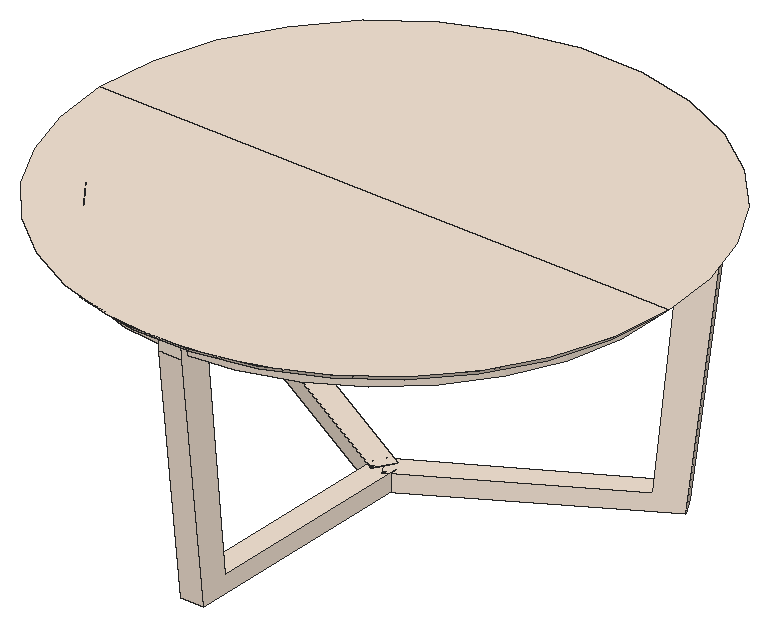
Revit family "FU_Table_Sandler_Trinity 1-6", category Furniture, Revit 2020
Family settings
  OmniClass Number = 23.40.20.00
  OmniClass Title = General Furniture and Specialties
  Work Plane-Based = No
  Always vertical = Yes
  Cut with Voids When Loaded = No
  Shared = No
  Room Calculation Point = No
Parameters (values of type "Trinity 1.6")
  Width = 1000 mm
  URL = "https://www.sandlerseating.com/product/trinity-1-6/"
  Model = "Trinity 1.6"
  Manufacturer = "Sandler"
  Height = 450 mm
  Frame [instance] = Wood - Beech - White Aniline
  Description = "Wooden side table with circular top and three joining legs, available in multiple heights and sizes."
  Depth = 1000 mm
  Default Elevation = 0 mm
Reference planes
  plane 1 "Center (Front/Back)": y = 0
  plane 2: z = 0
  plane 3 "Center (Left/Right)": x = 0
  plane 4 "Right": x = -500
  plane 5 "Left": x = 500
  plane 6 "Back": y = 500
  plane 7 "Front": y = -500
  plane 8 "Height": z = 450
  plane 9 "Top Base": z = 439.892
  plane 10 "Top Support Base": z = 410.256
Forms (mm)
  Revolve 1, solid, material "Wood - Beech - White Aniline" <- "Frame"
    sketch origin (0, 0, 0) x (1, 0, 0) y (0, 0, 1)
      loop
        line (-500, 450) -> (-489.892, 439.892) -> (0, 439.892) -> (0, 450) -> (-500, 450)
      axis (0, 450) -> (0, 439.892)
    angle from 0 to 360
  Extrusion 2, solid, material "Wood - Beech - White Aniline" <- "Frame"
    sketch origin (0, 0, 0) x (0, 1, 0) y (0, 0, 1)
      loop
        line (0, 30.03) -> (-376.04, 30.03) -> (-413.861, 410.256) -> (-458.24, 410.256) -> (-463.517, 439.892) -> (-471.229, 439.892) -> (-469.813, 410.184) -> (-421.083, 0) -> (0, 0) -> (0, 30.03)
    from -20 to 20
  Extrusion 3, solid, material "Wood - Beech - White Aniline" <- "Frame"
    sketch origin (0, 0, 0) x (-0.866025, -0.5, 0) y (0, 0, 1)
      loop
        line (0, 30.03) -> (-376.04, 30.03) -> (-413.861, 410.256) -> (-458.24, 410.256) -> (-463.517, 439.892) -> (-471.229, 439.892) -> (-469.813, 410.184) -> (-421.083, 0) -> (0, 0) -> (0, 30.03)
    from -20 to 20
  Extrusion 4, solid, material "Wood - Beech - White Aniline" <- "Frame"
    sketch origin (0, 0, 0) x (0.866025, -0.5, 0) y (0, 0, 1)
      loop
        line (0, 30.03) -> (-376.04, 30.03) -> (-413.861, 410.256) -> (-458.24, 410.256) -> (-463.517, 439.892) -> (-471.229, 439.892) -> (-469.813, 410.184) -> (-421.083, 0) -> (0, 0) -> (0, 30.03)
    from -20 to 20
  Revolve 5, solid, material "Wood - Beech - White Aniline" <- "Frame"
    sketch origin (0, 0, 0) x (0, 1, 0) y (0, 0, 1)
      loop
        line (-463.517, 439.892) -> (-458.24, 410.256) -> (-413.861, 410.256) -> (-413.861, 439.892) -> (-463.517, 439.892)
      axis (0, 439.892) -> (0, 410.256)
    angle from 0 to 360
Dimensions and locks
  equal spacing: plane 4 "Right", plane 3 "Center (Left/Right)", plane 5 "Left"
  "Width": plane 4 "Right" to plane 5 "Left"
  equal spacing: plane 6 "Back", plane 1 "Center (Front/Back)", plane 7 "Front"
  "Depth": plane 6 "Back" to plane 7 "Front"
  "Height": plane 8 "Height" to level
  locked: plane 8 "Height" to plane 9 "Top Base" at 10.108
  locked: plane 9 "Top Base" to plane 10 "Top Support Base" at 29.637
  aligned and locked: level to plane 2
Automatic sketch dimensions
  plane 4 "Right" to Revolve 1 sketch curve = 0 mm
  Revolve 1 sketch curve to plane 9 "Top Base" = 0 mm
  Revolve 1 sketch curve to plane 3 "Center (Left/Right)" = 0 mm  (x2)
  Revolve 1 sketch curve to plane 8 "Height" = 0 mm
  Revolve 1 sketch curve to plane 4 "Right" = 10.108 mm
  Revolve 1 sketch curve to plane 9 "Top Base" = 9.193 mm
  Revolve 1 sketch curve to Revolve 1 sketch curve = 15 mm
  Extrusion 2 sketch curve to plane 9 "Top Base" = 0 mm
  Extrusion 2 sketch curve to level = 0 mm
  Extrusion 2 sketch curve to plane 1 "Center (Front/Back)" = 0 mm
  level to Extrusion 2 sketch curve = 30.03 mm
  plane 7 "Front" to Extrusion 2 sketch curve = 123.96 mm
  Extrusion 2 sketch curve to plane 9 "Top Base" = 29.637 mm
  plane 7 "Front" to Extrusion 2 sketch curve = 86.139 mm
  Extrusion 2 sketch curve to Extrusion 2 sketch curve = 45.043 mm
  plane 7 "Front" to Extrusion 2 sketch curve = 36.483 mm
  plane 7 "Front" to Extrusion 2 sketch curve = 30.187 mm
  Extrusion 2 sketch curve to Extrusion 2 sketch curve = 7.712 mm
  Extrusion 2 sketch curve to Extrusion 2 sketch curve = 0.072 mm
  Extrusion 2 sketch curve to Extrusion 2 sketch curve = 11.573 mm
  plane 9 "Top Base" to Extrusion 3 sketch curve = 0 mm
  level to Extrusion 3 sketch curve = 0 mm
  Extrusion 3 sketch curve to plane 9 "Top Base" = 29.708 mm
  Extrusion 3 sketch curve to Extrusion 3 sketch curve = 1.415 mm
  Extrusion 3 sketch curve to Extrusion 3 sketch curve = 7.712 mm
  Extrusion 3 sketch curve to plane 9 "Top Base" = 29.637 mm
  Extrusion 3 sketch curve to Extrusion 3 sketch curve = 11.573 mm
  Extrusion 3 sketch curve to Extrusion 3 sketch curve = 37.157 mm
  Extrusion 3 sketch curve to Extrusion 3 sketch curve = 44.379 mm
  Extrusion 3 sketch curve to Extrusion 3 sketch curve = 45.043 mm
  level to Extrusion 3 sketch curve = 30.03 mm
  Extrusion 3 sketch curve to Extrusion 3 sketch curve = 376.04 mm
  Extrusion 4 sketch curve to plane 9 "Top Base" = 0 mm
  Extrusion 4 sketch curve to level = 0 mm
  Extrusion 4 sketch curve to plane 9 "Top Base" = 29.708 mm
  Extrusion 4 sketch curve to Extrusion 4 sketch curve = 1.415 mm
  Extrusion 4 sketch curve to Extrusion 4 sketch curve = 7.712 mm
  Extrusion 4 sketch curve to plane 9 "Top Base" = 29.637 mm
  Extrusion 4 sketch curve to Extrusion 4 sketch curve = 11.573 mm
  Extrusion 4 sketch curve to Extrusion 4 sketch curve = 37.157 mm
  Extrusion 4 sketch curve to Extrusion 4 sketch curve = 44.379 mm
  Extrusion 4 sketch curve to Extrusion 4 sketch curve = 45.043 mm
  level to Extrusion 4 sketch curve = 30.03 mm
  Extrusion 4 sketch curve to Extrusion 4 sketch curve = 376.04 mm
  Revolve 5 sketch curve to plane 9 "Top Base" = 0 mm
  Revolve 5 sketch curve to plane 1 "Center (Front/Back)" = 0 mm
  Revolve 5 sketch curve to plane 9 "Top Base" = 29.637 mm
  plane 7 "Front" to Revolve 5 sketch curve = 86.139 mm
  plane 7 "Front" to Revolve 5 sketch curve = 41.76 mm
  Revolve 5 sketch curve to Revolve 5 sketch curve = 5.277 mm
  Revolve 5 sketch curve to plane 9 "Top Base" = 70 mm
  plane 8 "Height" to Revolve 5 sketch curve = 44.892 mm
